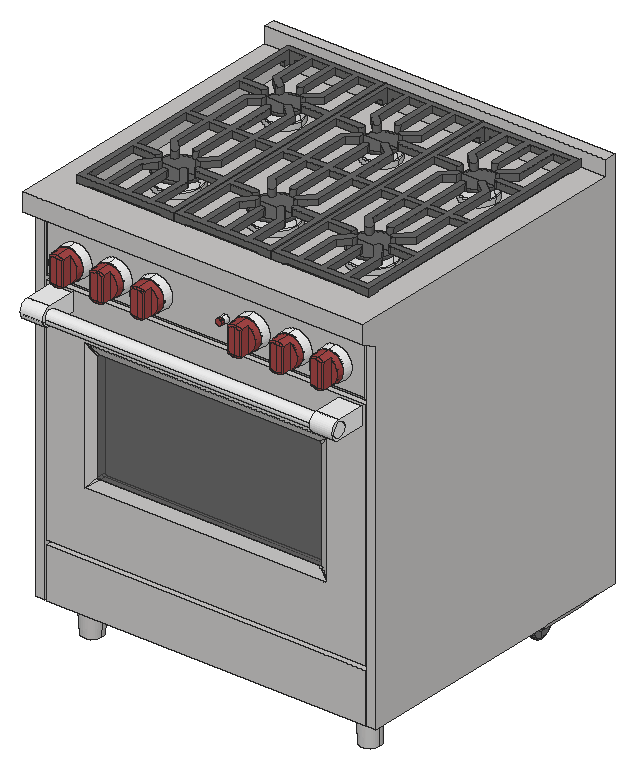
Revit family "Range-36_Inch", category Specialty Equipment, Revit 2023
Family settings
  Round Connector Dimension = Use Diameter
  Part Type = Normal
  OmniClass Number = 23.40.40.14
  OmniClass Title = Food Service Equipment
  Work Plane-Based = No
  Enable Cutting in Views = No
  Always vertical = Yes
  Cut with Voids When Loaded = No
  Maintain Annotation Orientation = No
  Shared = No
  Room Calculation Point = No
Parameters (values of type "Burners")
  Width = 2' - 5 7/8"
  Wall Offset = 0' - 0"
  Voltage = 120 V
  Type Comments = ""
  Trim Finish = Appliance - Chrome
  Show Label = no
  Power Consumption = 500 VA
  Label = "Range"
  Knob = Appliance - Plastic - Red
  Height = 3' - 0.9685"
  Griddle = Appliance - Stainless Steel - Brushed
  Grate Width = (Width - 0' 4 1/4") / 3 - 0' 0 1/32" + 0' 0 1/32"  # 0' - 8.54167"
  Grate Depth = Depth - 0' 4 79/256"  # 1' - 11.25046"
  Glass = Appliance - Oven Glass
  Description = "Range"
  Depth = 2' - 3.55906"
  Default Elevation = 0' - 0"
  Center Grate = Cook Surface : Burners
  Center Burners = no
  Burner = Appliance - Burner Cover
  Assembly Code = "E1090320"
  Appliance Finish = Appliance - Stainless Steel - Semi-Polished
  Amperage = Power Consumption / Voltage  # 4.16667 A
Types (4): name | Width | Show Label | Height | Grate Width | Grate Depth | Depth | Center Grate
  Burners | 2' - 5 7/8" | no | 3' - 0.9685" | 0' - 8.54167" | 1' - 11.25046" | 2' - 3.55906" | Cook Surface : Burners
  Griddle | 2' - 11 7/8" | yes | 3' - 0 31/32" | 0' - 10.54167" | 1' - 11 1/4" | 2' - 3 143/256" | Cook Surface : Griddle
  Grill | 2' - 11 7/8" | yes | 3' - 0.9685" | 0' - 10.54167" | 1' - 11.25046" | 2' - 3.55906" | Cook Surface : Grill
  20" | 1' - 8" | no | 3' - 0.9685" | 0' - 5 1/4" | 1' - 11.25046" | 2' - 3.55906" | Cook Surface : Burners
Reference planes (in)
  plane 1 "Back": y = 0
  plane 2: z = 0
  plane 3 "Center (Left/Right)": x = 0
  plane 4 "Left": x = -14.9375
  plane 5 "Right": x = 14.9375
  plane 6: y = 0
  plane 7 "Edge": y = -27.559056
  plane 8 "Door Back": y = -24.2519694
  plane 9 "Top": z = 36.9685049
  plane 10 "B.O. Unit": z = 3.1496065
  plane 11 "Burner": z = 35.5905504
  plane 12: z = 7.8740158
  plane 13 "Handle": z = 27.4013309
  plane 14 "Knobs": z = 30.8552971
  plane 15 "Door Face": y = -26.1417332
  plane 16: y = -24.9606308
  plane 17: z = 2.2834645
  plane 18: z = 1.1023622
  plane 19 "Wheels": y = -4.7244101
  plane 20: z = 1
  plane 21: x = 12.75
  plane 22 "3": x = -12.875
  plane 23: x = 7.625
  plane 24: x = -7.75
  plane 25: x = -14.9375
  plane 26: x = -2.625
  plane 27: x = 2.5
  plane 28: x = -11.4375
  plane 29: x = -7.8941928
  plane 30: x = 11.4375
  plane 31: x = 7.8941946
  plane 32: x = 4.09375
  plane 33: z = 34.3330736
  plane 34: x = -14.9375
  plane 35: x = 0
  plane 36: y = -37.559056
  plane 37: x = 0.4
  plane 38: x = 1.2
  plane 39: x = 11.15625
  plane 40 "1": x = -4.3333333
  plane 41: x = 4.9583333
  plane 42 "2": x = 4.2083333
  plane 43: x = -16.1875
  plane 44: x = 7.625
  plane 45: x = -0.8020833
  plane 46: x = 0.6770833
  plane 47: x = 1.7083333
  plane 48: x = 6.7083333
Forms (in)
  Extrusion 1, void
    sketch origin (0, 0, 36.9685049) x (-1, 0, 0) y (0, -1, 0)
      loop
        line (12.875, 1) -> (12.875, 24.2519694) -> (-12.75, 24.2519694) -> (-12.75, 1) -> (12.875, 1)
    from 0 to -2.6354313
  Extrusion 2, solid, material "Appliance - Stainless Steel - Semi-Polished" <- "Appliance Finish"
    sketch origin (0, 0, 0) x (0, 1, 0) y (0, 0, 1)
      loop
        line (-1, 36.9685049) -> (-1, 35.5905504) -> (-27.559056, 35.5905504) -> (-27.559056, 34.015749) -> (-26.1417332, 33.2283468) -> (-26.1417332, 3.1496065) -> (0, 3.1496065) -> (0, 36.9685049) -> (-1, 36.9685049)
    from -14.9375 to 14.9375
  Extrusion 3, void
    sketch origin (0, -26.1417332, 0) x (0, 0, 1) y (-1, 0, 0)
      loop
        line (33.2283468, 14.1500984) -> (3.1496065, 14.1500984) -> (3.1496065, -14.1501007) -> (33.2283468, -14.1501007) -> (33.2283468, 14.1500984)
    from -1.8897638 to 0
  Extrusion 4, solid, material "Appliance - Stainless Steel - Semi-Polished" <- "Appliance Finish"
    sketch origin (0, 0, 0) x (0, 1, 0) y (0, 0, 1)
      loop
        line (-24.9606308, 7.4803147) -> (-26.1417332, 7.4803147) -> (-26.1417332, 3.1496065) -> (-24.9606308, 3.1496065) -> (-24.9606308, 7.4803147)
      loop
        line (-24.2519694, 33.2283468) -> (-26.1417332, 33.2283468) -> (-26.1417332, 28.7401571) -> (-24.2519694, 28.7401571) -> (-24.2519694, 33.2283468)
      loop
        line (-24.9606308, 28.3464575) -> (-26.1417332, 28.3464575) -> (-26.1417332, 7.8740158) -> (-24.9606308, 7.8740158) -> (-24.9606308, 28.3464575)
    from -14.0234375 to 14.0234375
  Extrusion 5, void
    sketch origin (0, -26.1417332, 0) x (0, 0, 1) y (-1, 0, 0)
      loop
        arc (23.8186522, 9.65625) -> (23.7637347, 9.7888325) -> (23.6311522, 9.84375) r 0.1875
        line (23.6311522, 9.84375) -> (14.1638775, 9.84375)
        arc (14.1638775, 9.84375) -> (14.031295, 9.7888325) -> (13.9763775, 9.65625) r 0.1875
        line (13.9763775, 9.65625) -> (13.9763775, -9.651577)
        arc (13.9763775, -9.651577) -> (14.031295, -9.7841595) -> (14.1638775, -9.839077) r 0.1875
        line (14.1638775, -9.839077) -> (23.6311522, -9.839077)
        arc (23.6311522, -9.839077) -> (23.7637347, -9.7841595) -> (23.8186522, -9.651577) r 0.1875
        line (23.8186522, -9.651577) -> (23.8186522, 9.65625)
    from -1.8897638 to -0.3937008
  Blend 6, void
    base sketch origin (0, -26.1417332, 0) x (0, 0, 1) y (-1, 0, 0)
      loop
        line (24.6060543, 10.625) -> (13.1889768, 10.625) -> (13.1889768, -10.6264791) -> (24.6060543, -10.6264791) -> (24.6060543, 10.625)
    top sketch origin (0, -26.1417332, 0) x (0, 0, 1) y (-1, 0, 0)
      loop
        line (23.8186522, -9.651577) -> (23.8186522, 9.65625)
        arc (23.8186522, 9.65625) -> (23.7637347, 9.7888325) -> (23.6311522, 9.84375) r 0.1875
        line (23.6311522, 9.84375) -> (14.1638775, 9.84375)
        arc (14.1638775, 9.84375) -> (14.031295, 9.7888325) -> (13.9763775, 9.65625) r 0.1875
        line (13.9763775, 9.65625) -> (13.9763775, -9.651577)
        arc (13.9763775, -9.651577) -> (14.031295, -9.7841595) -> (14.1638775, -9.839077) r 0.1875
        line (14.1638775, -9.839077) -> (23.6311522, -9.839077)
        arc (23.6311522, -9.839077) -> (23.7637347, -9.7841595) -> (23.8186522, -9.651577) r 0.1875
    from 0 to -0.3937008
  Extrusion 7, solid, material "Appliance - Oven Glass" <- "Glass"
    sketch origin (0, -26.1417332, 0) x (0, 0, 1) y (-1, 0, 0)
      loop
        line (23.8186522, -9.651577) -> (23.8186522, 9.65625)
        arc (23.8186522, 9.65625) -> (23.7637347, 9.7888325) -> (23.6311522, 9.84375) r 0.1875
        line (23.6311522, 9.84375) -> (14.1638775, 9.84375)
        arc (14.1638775, 9.84375) -> (14.031295, 9.7888325) -> (13.9763775, 9.65625) r 0.1875
        line (13.9763775, 9.65625) -> (13.9763775, -9.651577)
        arc (13.9763775, -9.651577) -> (14.031295, -9.7841595) -> (14.1638775, -9.839077) r 0.1875
        line (14.1638775, -9.839077) -> (23.6311522, -9.839077)
        arc (23.6311522, -9.839077) -> (23.7637347, -9.7841595) -> (23.8186522, -9.651577) r 0.1875
    from -0.3937008 to -0.8945312
  Blend 8, solid, material "Appliance - Stainless Steel - Semi-Polished" <- "Appliance Finish"
    base sketch origin (0, 0, 3.1496065) x (-1, 0, 0) y (0, -1, 0)
      loop
        line (14.9375, 1.968504) -> (14.9375, 7.4803162) -> (9.4252268, 7.4803162) -> (9.4252268, 1.968504) -> (14.9375, 1.968504)
    top sketch origin (0, 0, 3.1496065) x (-1, 0, 0) y (0, -1, 0)
      loop
        line (14.1496363, 2.7559061) -> (14.1496363, 6.692914) -> (10.2126286, 6.692914) -> (10.2126286, 2.7559061) -> (14.1496363, 2.7559061)
    from 0 to -0.866142
  Blend 9, solid, material "Appliance - Stainless Steel - Semi-Polished" <- "Appliance Finish"
    base sketch origin (0, 0, 3.1496065) x (1, 0, 0) y (0, 1, 0)
      loop
        line (14.9375, -1.968504) -> (9.4252268, -1.968504) -> (9.4252268, -7.4803162) -> (14.9375, -7.4803162) -> (14.9375, -1.968504)
    top sketch origin (0, 0, 3.1496065) x (1, 0, 0) y (0, 1, 0)
      loop
        line (14.1496363, -2.7559061) -> (10.2126286, -2.7559061) -> (10.2126286, -6.692914) -> (14.1496363, -6.692914) -> (14.1496363, -2.7559061)
    from 0 to -0.866142
  Blend 10, solid, material "Appliance - Stainless Steel - Semi-Polished" <- "Appliance Finish"
    base sketch origin (0, 0, 3.1496065) x (-1, 0, 0) y (0, -1, 0)
      loop
        circle (-12.1811347, 23.3858276) r 0.984252
    top sketch origin (0, 0, 3.1496065) x (-1, 0, 0) y (0, -1, 0)
      loop
        circle (-12.2008185, 23.3858276) r 0.8633028
    from 0 to -3.1496065
  Blend 11, solid, material "Appliance - Stainless Steel - Semi-Polished" <- "Appliance Finish"
    base sketch origin (0, 0, 3.1496065) x (1, 0, 0) y (0, 1, 0)
      loop
        circle (-12.1811347, -23.3858276) r 1.109252
    top sketch origin (0, 0, 3.1496065) x (1, 0, 0) y (0, 1, 0)
      loop
        circle (-12.2008185, -23.3858276) r 0.8633028
    from 0 to -3.1496065
  Extrusion 12, solid, material "Appliance - Stainless Steel - Semi-Polished" <- "Appliance Finish"
    sketch origin (0, 0, 0) x (1, 0, 0) y (0, 0, 1)
      loop
        line (-13.3622347, 2.2834645) -> (-12.5748333, 1.1023622) -> (-12.4404829, 1.1023622) -> (-12.4404829, 2.2834645) -> (-13.3622347, 2.2834645)
      loop
        line (-11.7874315, 1.1023622) -> (-11.00003, 2.2834645) -> (-11.921782, 2.2834645) -> (-11.921782, 1.1023622) -> (-11.7874315, 1.1023622)
      loop
        line (13.3622347, 2.2834645) -> (12.4404829, 2.2834645) -> (12.4404829, 1.1023622) -> (12.5748333, 1.1023622) -> (13.3622347, 2.2834645)
      loop
        line (11.7874315, 1.1023622) -> (11.921782, 1.1023622) -> (11.921782, 2.2834645) -> (11.00003, 2.2834645) -> (11.7874315, 1.1023622)
    from 3.5433083 to 5.9055133
  Revolve 13, solid, material "Appliance - Rubber"
    sketch origin (0, -4.7244101, 0) x (0, 0, 1) y (-1, 0, 0)
      loop
        line (1, 12.109282) -> (1.192074, 12.109282) -> (1.192074, 12.234282) -> (1.3350632, 12.234282) -> (1.3350632, 12.203032)
        arc (1.3350632, 12.203032) -> (1.362522, 12.1367408) -> (1.4288132, 12.109282) r 0.09375
        line (1.4288132, 12.109282) -> (1.90625, 12.109282)
        arc (1.90625, 12.109282) -> (1.9725413, 12.1367408) -> (2, 12.203032) r 0.09375
        line (2, 12.203032) -> (2, 12.4092329)
        arc (2, 12.4092329) -> (1.9725413, 12.4755242) -> (1.90625, 12.5029829) r 0.09375
        line (1.90625, 12.5029829) -> (1.4288132, 12.5029829)
        arc (1.4288132, 12.5029829) -> (1.362522, 12.4755242) -> (1.3350632, 12.4092329) r 0.09375
        line (1.3350632, 12.4092329) -> (1.3350632, 12.3779829) -> (1.192074, 12.3779829) -> (1.192074, 12.5029829) -> (1, 12.5029829) -> (1, 12.109282)
      loop
        line (1, -11.984282) -> (1, -12.3779829) -> (1.192074, -12.3779829) -> (1.192074, -12.2529829) -> (1.3350632, -12.2529829) -> (1.3350632, -12.2842329)
        arc (1.3350632, -12.2842329) -> (1.362522, -12.3505242) -> (1.4288132, -12.3779829) r 0.09375
        line (1.4288132, -12.3779829) -> (1.90625, -12.3779829)
        arc (1.90625, -12.3779829) -> (1.9725413, -12.3505242) -> (2, -12.2842329) r 0.09375
        line (2, -12.2842329) -> (2, -12.078032)
        arc (2, -12.078032) -> (1.9725413, -12.0117408) -> (1.90625, -11.984282) r 0.09375
        line (1.90625, -11.984282) -> (1.4288132, -11.984282)
        arc (1.4288132, -11.984282) -> (1.362522, -12.0117408) -> (1.3350632, -12.078032) r 0.09375
        line (1.3350632, -12.078032) -> (1.3350632, -12.109282) -> (1.192074, -12.109282) -> (1.192074, -11.984282) -> (1, -11.984282)
      axis (1, 12.5029829) -> (1, -12.3779829)
    angle from 0 to 360
  Sweep 14, void
    path in 3D
      loop
        line (-14.0234375, -26.1417332, 33.2283468) -> (-14.0234375, -26.1417332, 28.7401571) -> (14.0234375, -26.1417332, 28.7401571) -> (14.0234375, -26.1417332, 33.2283468) -> (-14.0234375, -26.1417332, 33.2283468)
    profile "Round : 1/8"" origin (0, -26.1417332, 33.2283468) x (0, -1, 0) y (0, 0, 1)
      loop
        line (0, 0) -> (-0.125, 0)
        arc (-0.125, 0) -> (-0.0366117, -0.0366117) -> (0, -0.125) r 0.125
        line (0, -0.125) -> (0, 0)
Cuts and joins
  Extrusion 1, Extrusion 3, Sweep 14 cuts Extrusion 2
  Extrusion 5, Blend 6, Sweep 14 cuts Extrusion 4
Lines and regions (in)
  Split face 1
    outline origin (14.9375, 0, 3.1496065) x (-1, 0, 0) y (0, 0, 1)
      loop
        circle (5.6979908, 4.7244093) r 0.5
  Split face 2
    outline origin (14.9375, 0, 3.1496065) x (-1, 0, 0) y (0, 0, 1)
      loop
        circle (9.1750184, 4.7244093) r 0.5
  sketch lines
    curve 1: line (14.0234375, -26.1417332, 33.2283468) -> (-14.0234375, -26.1417332, 33.2283468)
    curve 2: line (14.0234375, -26.1417332, 33.2283468) -> (14.0234375, -26.1417332, 28.7401571)
    curve 3: line (14.0234375, -26.1417332, 28.7401571) -> (-14.0234375, -26.1417332, 28.7401571)
    curve 4: line (-14.0234375, -26.1417332, 28.7401571) -> (-14.0234375, -26.1417332, 33.2283468)
Dimensions and locks (in)
  equal spacing: plane 4 "Left", plane 3 "Center (Left/Right)", plane 5 "Right"
  "Width": plane 4 "Left" to plane 5 "Right"
  "Depth": plane 6 to plane 7 "Edge"
  "Wall Offset": plane 1 "Back" to plane 6
  "Height": plane 9 "Top" to level
  locked: plane 10 "B.O. Unit" to level at 3.1496065
  locked: plane 8 "Door Back" to plane 7 "Edge" at 3.3070866
  locked: plane 9 "Top" to plane 11 "Burner" at 1.3779545
  plane 13 "Handle" to level = 2' - 3.40133"
  locked: plane 11 "Burner" to plane 14 "Knobs" at 4.7352533
  locked: plane 6 to Extrusion 2 sketch curve at 1
  plane 6 to Extrusion 1 sketch curve = 0' - 1"
  locked: Extrusion 3 sketch curve to plane 14 "Knobs" at 2.3730497
  locked: plane 12 to plane 10 "B.O. Unit" at 4.7244093
  locked: plane 12 to Extrusion 4 sketch curve at 0.3937011
  locked: plane 16 to plane 15 "Door Face" at 1.1811023
  locked: Extrusion 5 sketch curve to plane 25 at 5.09375
  locked: plane 5 "Right" to Extrusion 5 sketch curve at 5.098423
  locked: Extrusion 5 sketch curve to plane 12 at 6.1023617
  locked: plane 13 "Handle" to Extrusion 5 sketch curve at 3.5826788
  locked: cut or joined group of Extrusion 4, Extrusion 5, Blend 6, Sweep 14 to plane 15 "Door Face" at 0.3937008
  locked: plane 5 "Right" to Blend 6 sketch curve at 4.3110209
  locked: plane 13 "Handle" to Blend 6 sketch curve at 2.7952766
  locked: Blend 6 sketch curve to plane 12 at 5.314961
  locked: cut or joined group of Extrusion 4, Extrusion 5, Blend 6, Sweep 14 to plane 4 "Left" at 0.9140625
  locked: plane 5 "Right" to cut or joined group of Extrusion 4, Extrusion 5, Blend 6, Sweep 14 at 0.9140625
  locked: plane 7 "Edge" to plane 15 "Door Face" at 1.4173229
  locked: plane 4 "Left" to Blend 8 sketch curve at 5.5122732
  plane 6 to Blend 8 sketch curve to Blend 8 sketch curve = 0' - 1.9685" locked, 0' - 5.51181" locked
  plane 4 "Left" to Blend 8 sketch curve to Blend 8 sketch curve = 0' - 0.78786" locked, 0' - 3.93701" locked
  plane 6 to Blend 8 sketch curve to Blend 8 sketch curve = 0' - 2.75591" locked, 0' - 3.93701" locked
  locked: plane 10 "B.O. Unit" to Blend 8 at 0.866142
  plane 5 "Right" to Blend 9 sketch curve to Blend 9 sketch curve = 0' - 0.78786" locked, 0' - 3.93701" locked
  plane 6 to Blend 9 sketch curve to Blend 9 sketch curve = 0' - 2.75591" locked, 0' - 3.93701" locked
  locked: Blend 9 sketch curve to plane 5 "Right" at 5.5122732
  plane 6 to Blend 9 sketch curve to Blend 9 sketch curve = 0' - 1.9685" locked, 0' - 5.51181" locked
  locked: plane 10 "B.O. Unit" to Blend 9 at 0.866142
  locked: plane 4 "Left" to Blend 11 sketch curve at 2.7366815
  locked: plane 15 "Door Face" to Blend 11 sketch curve at 2.7559056  (x2)
  locked: plane 4 "Left" to Blend 11 sketch curve at 2.7563653
  locked: Blend 10 sketch curve to plane 5 "Right" at 2.7366815
  locked: plane 15 "Door Face" to Blend 10 sketch curve at 2.7559056  (x2)
  locked: Blend 10 sketch curve to plane 5 "Right" at 2.7563653
  plane 10 "B.O. Unit" to plane 17 to plane 18 = 0' - 0.86614" locked, 0' - 1.1811" locked
  Extrusion 12 sketch curve to Extrusion 12 sketch curve to Extrusion 12 sketch curve to Extrusion 12 sketch curve to Extrusion 12 sketch curve to Extrusion 12 sketch curve to plane 4 "Left" = 0' - 0.7874" locked, 0' - 0.13435" locked, 0' - 0.5187" locked, 0' - 0.13435" locked, 0' - 0.7874" locked, 0' - 1.57527" locked
  plane 5 "Right" to Extrusion 12 sketch curve to Extrusion 12 sketch curve to Extrusion 12 sketch curve to Extrusion 12 sketch curve to Extrusion 12 sketch curve to Extrusion 12 sketch curve = 0' - 1.57527" locked, 0' - 0.7874" locked, 0' - 0.13435" locked, 0' - 0.5187" locked, 0' - 0.13435" locked, 0' - 0.7874" locked
  plane 6 to Extrusion 12 to Extrusion 12 = 0' - 3.54331" locked, 0' - 2.36221" locked
  plane 6 to plane 19 "Wheels" = 0' - 4.72441"
  locked: plane 20 to level at 1
  locked: plane 21 to plane 5 "Right" at 2.1875
  plane 4 "Left" to plane 22 "3" = 0' - 2 1/16"
  "Width": plane 5 "Right" to plane 25
  Blend 6 sketch curve to plane 25 = 0' - 5 3/32"
  plane 5 "Right" to Blend 6 sketch curve = 0' - 5.09842"
  Blend 6 sketch curve to plane 25 = 0' - 4 5/16"
  locked: Extrusion 7 sketch curve to plane 25 at 5.09375
  equal spacing: plane 22 "3", plane 24, plane 26, plane 27, plane 23, plane 21
  plane 29 to plane 28 to plane 4 "Left" = 0' - 3.54331" locked, 0' - 3 1/2" locked
  plane 5 "Right" to plane 30 to plane 31 = 0' - 3 1/2" locked, 0' - 3.54331" locked
  locked: plane 23 to plane 32 at 3.53125
  locked: plane 9 "Top" to plane 33 at 2.6354313
  Extrusion 4 sketch curve to plane 14 "Knobs" to Extrusion 4 sketch curve = 0' - 2.11514" locked, 0' - 2.37305" locked
  locked: plane 13 "Handle" to Extrusion 4 sketch curve at 0.9451265
  locked: plane 14 "Knobs" to plane 13 "Handle" at 3.4539661
  equal spacing: plane 4 "Left", plane 34, plane 25
  equal spacing: plane 25, plane 35, plane 5 "Right"
  locked: plane 7 "Edge" to plane 36 at 10
  plane 22 "3" to plane 40 "1" to plane 41 to plane 21 = 0' - 8.54167", 0' - 9.29167", 0' - 7.79167"  (x2)
  plane 28 to plane 29 = 0' - 3.54331"
  locked: plane 25 to plane 43 at 1.25
  plane 39 to plane 44 = 0' - 3 17/32"
  locked: plane 45 to plane 40 "1" at 3.53125
  locked: plane 42 "2" to plane 46 at 3.53125
  equal spacing: plane 22 "3", plane 40 "1", plane 42 "2", plane 21
  locked: plane 34 to plane 22 "3" at 2.0625
  locked: plane 42 "2" to plane 47 at 2.5
  locked: plane 48 to plane 42 "2" at 2.5
  aligned and locked: plane 2 to level
  aligned and locked: plane 9 "Top" to Extrusion 2 sketch curve
  aligned and locked: plane 5 "Right" to Extrusion 2
  aligned and locked: Extrusion 2 to plane 4 "Left"
  aligned and locked: Extrusion 2 sketch curve to plane 10 "B.O. Unit"
  aligned and locked: Extrusion 2 sketch curve to plane 15 "Door Face"
  aligned and locked: plane 7 "Edge" to Extrusion 2 sketch curve
  aligned and locked: plane 11 "Burner" to Extrusion 2 sketch curve
  aligned and locked: Extrusion 2 sketch curve to plane 6
  aligned and locked: Extrusion 3 sketch curve to plane 10 "B.O. Unit"
  aligned and locked: plane 8 "Door Back" to Extrusion 3
  aligned and locked: plane 15 "Door Face" to Extrusion 3
  aligned and locked: Extrusion 4 sketch curve to plane 15 "Door Face"  (x3)
  aligned and locked: plane 10 "B.O. Unit" to Extrusion 4 sketch curve
  aligned and locked: Extrusion 4 sketch curve to plane 8 "Door Back"
  aligned and locked: plane 12 to Extrusion 4 sketch curve
  aligned and locked: Extrusion 4 sketch curve to plane 16  (x2)
  aligned and locked: plane 15 "Door Face" to nested 2
  aligned and locked: plane 8 "Door Back" to Extrusion 5
  aligned and locked: plane 4 "Left" to Blend 8 sketch curve
  aligned and locked: plane 5 "Right" to Blend 9 sketch curve
  aligned and locked: Blend 10 to level
  aligned and locked: plane 10 "B.O. Unit" to Blend 10
  aligned and locked: plane 10 "B.O. Unit" to Blend 9
  aligned and locked: plane 10 "B.O. Unit" to Blend 8
  aligned and locked: plane 17 to Extrusion 12 sketch curve  (x2)
  aligned and locked: Extrusion 12 sketch curve to plane 18  (x2)
  aligned and locked: Extrusion 12 sketch curve to plane 17  (x2)
  aligned and locked: plane 18 to Extrusion 12 sketch curve  (x2)
  aligned and locked: plane 20 to Revolve 13 sketch curve  (x2)
  aligned and locked: Revolve 13 sketch curve to plane 20
  aligned and locked: plane 15 "Door Face" to nested 3
  aligned and locked: plane 15 "Door Face" to nested 4
  aligned and locked: plane 15 "Door Face" to nested 5
  aligned and locked: plane 15 "Door Face" to nested 6
  aligned and locked: nested 3 to plane 14 "Knobs"
  aligned and locked: nested 4 to plane 14 "Knobs"
  aligned and locked: nested 5 to plane 14 "Knobs"
  aligned and locked: nested 6 to plane 14 "Knobs"
  aligned and locked: plane 15 "Door Face" to nested 7
  aligned and locked: nested 7 to plane 14 "Knobs"
  aligned and locked: plane 22 "3" to Extrusion 1 sketch curve
  aligned and locked: Extrusion 1 sketch curve to plane 21
  aligned and locked: nested 8 to plane 8 "Door Back"
  aligned and locked: nested 9 to plane 14 "Knobs"
  aligned and locked: nested 10 to plane 14 "Knobs"
  aligned and locked: plane 15 "Door Face" to nested 10
  aligned and locked: plane 15 "Door Face" to nested 9
  aligned and locked: plane 28 to nested 7
  aligned and locked: plane 29 to nested 6
  aligned and locked: plane 30 to nested 9
  aligned and locked: plane 31 to nested 4
  aligned and locked: plane 33 to nested 8
  aligned and locked: nested 2 to plane 13 "Handle"
  aligned and locked: nested 1 to plane 36
  aligned and locked: nested 11 to plane 14 "Knobs"
  aligned and locked: nested 12 to plane 14 "Knobs"
  aligned and locked: plane 15 "Door Face" to nested 11
  aligned and locked: plane 15 "Door Face" to nested 12
  aligned and locked: nested 8 to plane 22 "3"
  aligned and locked: plane 40 "1" to nested 13
  aligned and locked: plane 42 "2" to nested 14
  aligned and locked: plane 40 "1" to nested 3
  aligned and locked: plane 45 to nested 10
  aligned and locked: plane 42 "2" to nested 5
  aligned and locked: plane 8 "Door Back" to nested 13
  aligned and locked: plane 8 "Door Back" to nested 14
  aligned and locked: plane 33 to nested 13
  aligned and locked: plane 33 to nested 14
  aligned and locked: plane 3 "Center (Left/Right)" to nested 2
  aligned and locked: plane 47 to nested 11
  aligned and locked: plane 48 to nested 12
  aligned and locked: plane 3 "Center (Left/Right)" to nested 1
Automatic sketch dimensions
  Extrusion 1 sketch curve to plane 8 "Door Back" = 0' - 0"
  Extrusion 2 sketch curve to plane 11 "Burner" = 0' - 2.3622"
  Extrusion 2 sketch curve to Extrusion 2 sketch curve = 0' - 1.5748"
  Extrusion 3 sketch curve to plane 5 "Right" = 0' - 0.7874"
  plane 4 "Left" to Extrusion 3 sketch curve = 0' - 0.7874"
  Extrusion 5 sketch curve to Extrusion 5 sketch curve = 0' - 0 3/16"  (x4)
  plane 12 to Blend 6 sketch curve = 0' - 6.10236"
  Blend 6 sketch curve to Blend 6 sketch curve = 0' - 0 3/16"  (x3)
  plane 13 "Handle" to Blend 6 sketch curve = 0' - 3.77018"  (x2)
  Blend 6 sketch curve to plane 21 = 0' - 3.09842"
  plane 12 to Extrusion 7 sketch curve = 0' - 6.10236"
  Extrusion 7 sketch curve to Extrusion 7 sketch curve = 0' - 0 3/16"  (x3)
  plane 13 "Handle" to Extrusion 7 sketch curve = 0' - 3.77018"  (x2)
  Extrusion 7 sketch curve to plane 21 = 0' - 3.09842"
  plane 21 to Blend 10 sketch curve = 0' - 0.41539"
  plane 22 "3" to Blend 11 sketch curve = 0' - 0.41539"
  Revolve 13 sketch curve to Revolve 13 sketch curve = 0' - 0.19207"  (x3)
  plane 20 to Revolve 13 sketch curve = 0' - 0.19207"
  Revolve 13 sketch curve to Revolve 13 sketch curve = 0' - 0.14299"  (x4)
  Revolve 13 sketch curve to Revolve 13 sketch curve = 0' - 0 3/32"  (x6)
  Revolve 13 sketch curve to Revolve 13 sketch curve = 0' - 0.47744"  (x2)
  Revolve 13 sketch curve to Revolve 13 sketch curve = 0' - 0"  (x4)
  Revolve 13 sketch curve to plane 21 = 0' - 0.37202"
  Revolve 13 sketch curve to Revolve 13 sketch curve = 0' - 0 1/8"  (x4)
  Revolve 13 sketch curve to Revolve 13 sketch curve = 0' - 0.1437"  (x2)
  Revolve 13 sketch curve to Revolve 13 sketch curve = 0' - 0.2062"
  plane 22 "3" to Revolve 13 sketch curve = 0' - 0.76572"
  Revolve 13 sketch curve to Revolve 13 sketch curve = 0' - 0 1/32"
  Revolve 13 sketch curve to Revolve 13 sketch curve = 0' - 1.59809"
  Revolve 13 sketch curve to plane 22 "3" = 0' - 0.59658"
  Split face 1 sketch curve to cut or joined group of Extrusion 1, Extrusion 2, Extrusion 3, Sweep 14 = 0' - 5.69799"
  Split face 1 sketch curve to cut or joined group of Extrusion 1, Extrusion 2, Extrusion 3, Sweep 14 = 0' - 4.72441"
  Split face 2 sketch curve to cut or joined group of Extrusion 1, Extrusion 2, Extrusion 3, Sweep 14 = 0' - 9.17502"
  Split face 2 sketch curve to cut or joined group of Extrusion 1, Extrusion 2, Extrusion 3, Sweep 14 = 0' - 4.72441"
  radius of Blend 10 sketch curve = 0' - 0.8633"
  radius of Blend 11 sketch curve = 0' - 0.8633"
  radius of Split face 1 sketch curve = 0' - 0 1/2"
  radius of Split face 2 sketch curve = 0' - 0 1/2"
Nested families (in)
  nested 1: "Label Annotation 3-32" at (0, -37.559056, 0), visible <- "Show Label", type "Label Annotation 3-32"
  nested 2: "Handle" at (0, -26.1417332, 27.4013309), Unit Width <- "Width", Finish <- "Trim Finish", type "Handle", detail levels medium+fine
    with Unit Width 2' - 5 7/8", Finish Appliance - Chrome
  nested 3: "Knob 1" at (-4.3333333, -26.1417332, 30.8552971), type "Knob 1", detail levels medium+fine
  nested 4: "Knob 1" at (7.8941946, -26.1417332, 30.8552971), type "Knob 1", detail levels medium+fine
  nested 5: "Knob 1" at (4.2083333, -26.1417332, 30.8552971), type "Knob 1", detail levels medium+fine
  nested 6: "Knob 1" at (-7.8941928, -26.1417332, 30.8552971), type "Knob 1", detail levels medium+fine
  nested 7: "Knob 1" at (-11.4375, -26.1417332, 30.8552971), type "Knob 1", detail levels medium+fine
  nested 8: "Cook Surface" at (-8.5975134, -12.6267383, 34.3330736), type "Burners"
    with Grate Width 0' - 8.54167", Grate Depth 1' - 11.25046"
  nested 9: "Knob 1" at (11.4375, -26.1417332, 30.8552971), type "Knob 1", detail levels medium+fine
  nested 10: "Knob 1" at (-0.8020833, -26.1417332, 30.8552971), visible <- "Center Burners", type "Knob 1", detail levels medium+fine
  nested 11: "Knob 2" at (1.7083333, -26.1417332, 30.8552971), type "Knob 2", detail levels medium+fine
  nested 12: "Knob 2" at (6.7083333, -26.1417332, 30.8552971), type "Knob 2", detail levels medium+fine
  nested 13: "Cook Surface" at (-0.0558467, -12.6267383, 34.3330736), type <- "Center Grate", type "Burners"
    with Grate Width 0' - 8.54167", Grate Depth 1' - 11.25046"
  nested 14: "Cook Surface" at (8.4858199, -12.6267383, 34.3330736), type "Burners"
    with Grate Width 0' - 8.54167", Grate Depth 1' - 11.25046"
Connectors (in)
  electrical at (9.2395092, 0, 7.8740158), driven by "Voltage", driven by "Power Consumption"
    settings: on cut or joined group of Extrusion 1, Extrusion 2, Extrusion 3, Sweep 14, index 1, voltage 120 V, apparent load 500 VA, apparent load phase1 0 VA, apparent load phase2 0 VA, apparent load phase3 0 VA, power factor 1, load classification "Appliance", number of poles 1, system type 30, power factor state 1, is connector primary yes, connector utility no, sub classification motor no, connector description "Range Power"
  piping at (5.7624816, 0, 7.8740158), diameter 0.5
    settings: on cut or joined group of Extrusion 1, Extrusion 2, Extrusion 3, Sweep 14, index 2, connector inside diameter 24", connector length 0' - 0", flow factor 0, pipe flow 0 GPM, pressure drop 0.00 psi, fitting loss kfactor 0, connector angle 0.00°, fixture units 0, engagement length 0' - 0", angle of deflection 0.00°, flow configuration 1, flow direction 1, fitting loss method 0, system type 22, joint type 0, gender type 0, connector reference index -1, connector utility 0, adjustable connector no, is connector primary yes, connector description "Range Gas"
Definition of nested family "Handle"
  Parameters (values of type "Handle")
    Unit Width [instance] = 3' - 0"
    Handle Projection = 0' - 2 1/2"
    Handle Offset B = 0' - 1 1/4"
    Handle Offset A = 0' - 1 1/4"
    Finish [instance] = none
    Default Elevation = 0' - 0"
  Reference planes (in)
    plane 1 "Center (Front/Back)": y = 0
    plane 2: z = 0
    plane 3 "Center (Left/Right)": x = 0
    plane 4 "Surface A": x = -18
    plane 5 "Surface B": x = 18
    plane 6 "Handle A": x = -16.75
    plane 7 "Handle B": x = 16.75
    plane 8: y = -2.5
    plane 9: x = -14.78125
    plane 10: x = 14.78125
    plane 11: y = -1.875
  Forms (in)
    Extrusion 1, solid, material <- "Finish", detail levels medium+fine
      sketch origin (-16.75, 0, 0) x (0, 0, 1) y (0, -1, 0)
        loop
          line (0.7874022, 0) -> (0.7874022, 2.5)
          arc (0.7874022, 2.5) -> (0, 3.2874022) -> (-0.7874022, 2.5) r 0.7874022
          line (-0.7874022, 2.5) -> (-0.7874022, 0) -> (0.7874022, 0)
        loop
          circle (0, 2.5) r 0.5915109
      from 0 to 1.96875
    Extrusion 2, solid, material <- "Finish", detail levels medium+fine
      sketch origin (16.75, 0, 0) x (0, 0, 1) y (0, -1, 0)
        loop
          line (-0.7874022, 0) -> (0.7874022, 0) -> (0.7874022, 2.5)
          arc (0.7874022, 2.5) -> (0, 3.2874022) -> (-0.7874022, 2.5) r 0.7874022
          line (-0.7874022, 2.5) -> (-0.7874022, 0)
        loop
          circle (0, 2.5) r 0.5915109
      from 0 to -1.96875
    Extrusion 3, solid, material <- "Finish", detail levels medium+fine
      sketch origin (0, 0, 0) x (0, 1, 0) y (0, 0, 1)
        loop
          circle (-2.5, 0) r 0.5915109
      from -16.75 to 16.75
  Cuts and joins
    joined: Extrusion 1, Extrusion 2
  Dimensions and locks (in)
    "Unit Width": plane 5 "Surface B" to plane 4 "Surface A"
    equal spacing: plane 5 "Surface B", plane 3 "Center (Left/Right)", plane 4 "Surface A"
    "Handle Offset A": plane 6 "Handle A" to plane 4 "Surface A"
    "Handle Offset B": plane 5 "Surface B" to plane 7 "Handle B"
    "Handle Projection": plane 1 "Center (Front/Back)" to plane 8
    plane 6 "Handle A" to plane 9 = 0' - 1 31/32"
    plane 10 to plane 7 "Handle B" = 0' - 1 31/32"
    plane 8 to plane 11 = 0' - 0 5/8"
    aligned and locked: level to plane 2
    aligned and locked: Extrusion 1 sketch curve to plane 1 "Center (Front/Back)"
    aligned and locked: Extrusion 2 sketch curve to plane 1 "Center (Front/Back)"
    aligned and locked: cut or joined group of Extrusion 1, Extrusion 2 to plane 1 "Center (Front/Back)"
    aligned and locked: plane 8 to Extrusion 2 sketch curve
    aligned and locked: plane 8 to Extrusion 1 sketch curve
    aligned and locked: level to Extrusion 3 sketch curve
    aligned and locked: plane 8 to Extrusion 3 sketch curve
    aligned and locked: plane 7 "Handle B" to Extrusion 3
    aligned and locked: Extrusion 3 to plane 6 "Handle A"
    aligned and locked: Extrusion 2 sketch curve to Extrusion 3  (x2)
    aligned and locked: Extrusion 1 sketch curve to Extrusion 3  (x2)
    aligned and locked: plane 9 to cut or joined group of Extrusion 1, Extrusion 2
    aligned and locked: cut or joined group of Extrusion 1, Extrusion 2 to plane 10
  Automatic sketch dimensions
    Extrusion 1 sketch curve to level = 0' - 0.7874"
    level to Extrusion 1 sketch curve = 0' - 0"
    Extrusion 2 sketch curve to Extrusion 2 sketch curve = 0' - 0.7874"
    Extrusion 2 sketch curve to level = 0' - 0.7874"
    radius of Extrusion 3 sketch curve = 0' - 0.59151"
Definition of nested family "Knob 1"
  Parameters
    Material = none
    Default Elevation = 0' - 0"
    Bezel Material = none
  Reference planes (in)
    plane 1 "Center (Front/Back)": y = 0
    plane 2: z = 0
    plane 3 "Center (Left/Right)": x = 0
    plane 4: y = -1.3779528
    plane 5: y = -2.1653543
  Forms (in)
    Revolve 1, solid, material <- "Material"
      sketch origin (0, 0, 0) x (0, 1, 0) y (0, 0, 1)
        loop
          line (0, 1.3779516) -> (-0.7874016, 1.2992134) -> (-0.7874016, 1.2598429) -> (-2.0742818, 1.2230744)
          arc (-2.0742818, 1.2230744) -> (-2.1388356, 1.1947004) -> (-2.1653543, 1.1293627) r 0.09375
          line (-2.1653543, 1.1293627) -> (-2.1653543, 0) -> (0, 0) -> (0, 1.3779516)
        axis (0, 0) -> (-2.1653543, 0)
      angle from 0 to 360
    Extrusion 2, void
      sketch origin (0, 0, 0) x (1, 0, 0) y (0, 1, 0)
        loop
          line (1.24297, -1.3779528) -> (0.5905516, -1.3779528) -> (0.5905516, -2.0716043)
          arc (0.5905516, -2.0716043) -> (0.5630929, -2.1378956) -> (0.4968016, -2.1653543) r 0.09375
          line (0.4968016, -2.1653543) -> (1.24297, -2.1653543) -> (1.24297, -1.3779528)
        loop
          line (-1.24297, -1.3779528) -> (-1.24297, -2.1653543) -> (-0.4968016, -2.1653543)
          arc (-0.4968016, -2.1653543) -> (-0.5630929, -2.1378956) -> (-0.5905516, -2.0716043) r 0.09375
          line (-0.5905516, -2.0716043) -> (-0.5905516, -1.3779528) -> (-1.24297, -1.3779528)
      from -1.3682255 to 1.445227
  Cuts and joins
    Extrusion 2 cuts Revolve 1
  Dimensions and locks (in)
    plane 5 to plane 4 to plane 1 "Center (Front/Back)" = 0' - 0.7874" locked, 0' - 1.37795" locked
    aligned and locked: plane 2 to level
    aligned and locked: Revolve 1 sketch curve to level
    aligned and locked: plane 4 to Extrusion 2 sketch curve
    aligned and locked: Extrusion 2 sketch curve to plane 5
Definition of nested family "Cook Surface"
  Parameters (values of type "Burners")
    ShowGrate = yes
    Show Base = no
    Has Grill = no
    Has Griddle = no
    Griddle Right Extension = 0' - 0 1/8"
    Griddle Left Extension = 0' - 0 1/8"
    Griddle = none
    Grate Width = 1' - 0 209/256"
    Grate Thickness = 0' - 0 1/2"
    Grate Depth = 1' - 11 1/4"
    Grate = none
    Default Elevation = 0' - 0"
    Burner = none
    Has Burners = yes
    Show Burners = yes
  Reference planes (in)
    plane 1 "Center (Front/Back)": y = 0
    plane 2 "Bottom": z = 0
    plane 3 "Center (Left/Right)": x = -0.0066533
    plane 4 "T.O. Burner": z = 1.3421659
    plane 5 "Back Burner": y = 5.8125
    plane 6 "Front Burner": y = -5.8125
    plane 7: z = 2.4385786
    plane 8 "B.O. Grate": z = 0
    plane 9 "T.O. Pan": z = 0.7677155
    plane 10 "Back": y = 11.625
    plane 11 "Front": y = -11.625
    plane 12 "Left": x = -6.4148564
    plane 13 "Right": x = 6.4015499
    plane 14 "Surface Bottom": z = 1.8782988
    plane 15: x = -3.3357548
    plane 16: x = 2.8224483
    plane 17: x = 5.9015499
    plane 18: x = -5.9148564
    plane 19: y = 11.0625
    plane 20: y = 6.0625
    plane 21: y = 0.25
    plane 22: y = -0.25
    plane 23: y = -11.0625
    plane 24: x = -2.8357548
    plane 25: x = 3.3224483
    plane 26: x = -0.2722783
    plane 27: x = 0.2433467
    plane 28: y = 5.5625
    plane 29: y = -5.5625
    plane 30: y = -6.0625
    plane 31: x = -6.2898564
    plane 32: x = 6.2765499
  Forms (in)
    Extrusion 1, void
      sketch origin (17.0803554, 13.7784205, -33.4188623) x (1, 0, 0) y (0, 0, 1)
        loop
          arc (-11.6788055, 34.5110283) -> (-11.7520288, 34.687805) -> (-11.9288055, 34.7610283) r 0.25
          line (-11.9288055, 34.7610283) -> (-22.2452118, 34.7610283)
          arc (-22.2452118, 34.7610283) -> (-22.4219885, 34.687805) -> (-22.4952118, 34.5110283) r 0.25
          line (-22.4952118, 34.5110283) -> (-22.4952118, 34.1865778) -> (-11.6788055, 34.1865778) -> (-11.6788055, 34.5110283)
      from 2.1534205 to 27.3563425
    Extrusion 2, void
      sketch origin (17.0803554, 13.7784205, -33.4188623) x (0, 1, 0) y (0, 0, 1)
        loop
          arc (-3.1534205, 34.5110283) -> (-3.2266438, 34.687805) -> (-3.4034205, 34.7610283) r 0.25
          line (-3.4034205, 34.7610283) -> (-24.1534205, 34.7610283)
          arc (-24.1534205, 34.7610283) -> (-24.3301972, 34.687805) -> (-24.4034205, 34.5110283) r 0.25
          line (-24.4034205, 34.5110283) -> (-24.4034205, 34.1865778) -> (-3.1534205, 34.1865778) -> (-3.1534205, 34.5110283)
      from -23.4952118 to -10.6788055
    Revolve 3, solid, material <- "Burner", visible <- "Show Burners"
      sketch origin (0.0625, 5.8125, -33.4188623) x (1, 0, 0) y (0, 0, 1)
        loop
          line (-0.0691533, 33.4188623) -> (-0.0691533, 34.7341433) -> (-1.5365929, 34.7341433)
          arc (-1.5365929, 34.7341433) -> (-1.6118992, 34.6588369) -> (-1.5365929, 34.5835306) r 0.0753064
          line (-1.5365929, 34.5835306) -> (-1.4261797, 34.5835306) -> (-1.5314309, 33.9643529) -> (-1.6072836, 33.8632497) -> (-1.6072836, 33.4188623) -> (-0.0691533, 33.4188623)
        axis (-0.0691533, 34.7341433) -> (-0.0691533, 33.4188623)
      angle from 0 to 360
    Revolve 4, solid, material <- "Burner", visible <- "Show Burners"
      sketch origin (0, -5.8125, -33.4188623) x (1, 0, 0) y (0, 0, 1)
        loop
          line (-0.0066533, 33.4188623) -> (-0.0066533, 34.7341433) -> (-1.8959679, 34.7341433)
          arc (-1.8959679, 34.7341433) -> (-1.9712742, 34.6588369) -> (-1.8959679, 34.5835306) r 0.0753064
          line (-1.8959679, 34.5835306) -> (-1.7855547, 34.5835306) -> (-1.8908059, 33.9643529) -> (-1.9666586, 33.8632497) -> (-1.9666586, 33.4188623) -> (-0.0066533, 33.4188623)
        axis (-0.0066533, 34.7341433) -> (-0.0066533, 33.4188623)
      angle from 0 to 360
    Extrusion 5, solid, material <- "Grate", visible <- "Show Base", detail levels medium+fine
      sketch origin (0, 0, 0.7677155) x (-1, 0, 0) y (0, -1, 0)
        loop
          line (6.4148564, -11.625) -> (6.4148564, 11.625) -> (-6.4015499, 11.625) -> (-6.4015499, -11.625) -> (6.4148564, -11.625)
        loop
          line (5.5946229, -10.8047666) -> (5.5946229, 10.8047666) -> (-5.5890499, 10.8047666) -> (-5.5890499, -10.8047666) -> (5.5946229, -10.8047666)
      from 0 to 1.1105833
    Extrusion 6, solid, material <- "Grate", visible <- "Has Grill"
      sketch origin (0, 0, 0) x (1, 0, 0) y (0, 0, 1)
        loop
          line (-6.4148564, 1.8782988) -> (-5.9880797, 1.8782988) -> (-5.9880797, 2.2618019) -> (-6.1648564, 2.4385786) -> (-6.4148564, 2.4385786) -> (-6.4148564, 1.8782988)
        loop
          line (0.1879184, 1.8782988) -> (0.1879184, 2.4385786) -> (-0.2012249, 2.4385786) -> (-0.2012249, 1.8782988) -> (0.1879184, 1.8782988)
        loop
          line (-0.5903682, 1.8782988) -> (-0.5903682, 2.4385786) -> (-0.9795116, 2.4385786) -> (-0.9795116, 1.8782988) -> (-0.5903682, 1.8782988)
        loop
          line (-1.3686549, 1.8782988) -> (-1.3686549, 2.4385786) -> (-1.7577982, 2.4385786) -> (-1.7577982, 1.8782988) -> (-1.3686549, 1.8782988)
        loop
          line (-2.1469415, 1.8782988) -> (-2.1469415, 2.4385786) -> (-2.5360848, 2.4385786) -> (-2.5360848, 1.8782988) -> (-2.1469415, 1.8782988)
        loop
          line (-2.9252281, 1.8782988) -> (-2.9252281, 2.4385786) -> (-3.3143715, 2.4385786) -> (-3.3143715, 1.8782988) -> (-2.9252281, 1.8782988)
        loop
          line (-3.7035148, 1.8782988) -> (-3.7035148, 2.4385786) -> (-4.0926581, 2.4385786) -> (-4.0926581, 1.8782988) -> (-3.7035148, 1.8782988)
        loop
          line (-4.4818014, 1.8782988) -> (-4.4818014, 2.4385786) -> (-4.8709447, 2.4385786) -> (-4.8709447, 1.8782988) -> (-4.4818014, 1.8782988)
        loop
          line (-5.2600881, 1.8782988) -> (-5.2600881, 2.4385786) -> (-5.6492314, 2.4385786) -> (-5.6492314, 1.8782988) -> (-5.2600881, 1.8782988)
        loop
          line (6.4015499, 1.8782988) -> (6.4015499, 2.4385786) -> (6.1515499, 2.4385786) -> (5.9747732, 2.2618019) -> (5.9747732, 1.8782988) -> (6.4015499, 1.8782988)
        loop
          line (0.5770617, 1.8782988) -> (0.966205, 1.8782988) -> (0.966205, 2.4385786) -> (0.5770617, 2.4385786) -> (0.5770617, 1.8782988)
        loop
          line (1.3553484, 1.8782988) -> (1.7444917, 1.8782988) -> (1.7444917, 2.4385786) -> (1.3553484, 2.4385786) -> (1.3553484, 1.8782988)
        loop
          line (2.133635, 1.8782988) -> (2.5227783, 1.8782988) -> (2.5227783, 2.4385786) -> (2.133635, 2.4385786) -> (2.133635, 1.8782988)
        loop
          line (2.9119216, 1.8782988) -> (3.301065, 1.8782988) -> (3.301065, 2.4385786) -> (2.9119216, 2.4385786) -> (2.9119216, 1.8782988)
        loop
          line (3.6902083, 1.8782988) -> (4.0793516, 1.8782988) -> (4.0793516, 2.4385786) -> (3.6902083, 2.4385786) -> (3.6902083, 1.8782988)
        loop
          line (4.4684949, 1.8782988) -> (4.8576382, 1.8782988) -> (4.8576382, 2.4385786) -> (4.4684949, 2.4385786) -> (4.4684949, 1.8782988)
        loop
          line (5.2467815, 1.8782988) -> (5.6359249, 1.8782988) -> (5.6359249, 2.4385786) -> (5.2467815, 2.4385786) -> (5.2467815, 1.8782988)
      from -11.625 to 11.625
    Extrusion 7, solid, material <- "Griddle", visible <- "Has Griddle"
      sketch origin (0, 0, 0.7677155) x (-1, 0, 0) y (0, -1, 0)
        loop
          line (6.4148564, -11.625) -> (6.4148564, 11.625) -> (-6.4015499, 11.625) -> (-6.4015499, -11.625) -> (6.4148564, -11.625)
      from 0 to 1.6708632
    Extrusion 8, void
      sketch origin (-0.0066533, 0, 0) x (0, 1, 0) y (0, 0, 1)
        loop
          line (11.5, 2.4385786) -> (-11.5, 2.4385786) -> (-11.5, 1.3421659) -> (-9.75, 1.3421659) -> (-9.75, 1.8782988) -> (11.5, 1.8782988) -> (11.5, 2.4385786)
      from -6.2832031 to 6.2832031
    Extrusion 9, solid, material <- "Grate", visible <- "ShowGrate", detail levels fine
      sketch origin (0, 0, 0.7677155) x (-1, 0, 0) y (0, -1, 0)
        loop
          line (6.4148564, -11.625) -> (6.4148564, 11.625) -> (-6.4015499, 11.625) -> (-6.4015499, -11.625) -> (6.4148564, -11.625)
        loop
          line (5.9148564, -11.0625) -> (5.9148564, -6.0625) -> (2.8357548, -6.0625)
          arc (2.8357548, -6.0625) -> (2.5857548, -5.8125) -> (2.8357548, -5.5625) r 0.25
          line (2.8357548, -5.5625) -> (5.9148564, -5.5625) -> (5.9148564, -0.25) -> (3.3357548, -0.25) -> (3.3357548, -4.1797666) -> (2.4625946, -5.042267)
          arc (2.4625946, -5.042267) -> (2.0648471, -5.042267) -> (2.0648471, -4.6445194) r 0.28125
          line (2.0648471, -4.6445194) -> (2.8357548, -3.9467714) -> (2.8357548, -0.25) -> (0.2722783, -0.25) -> (0.2722783, -3.9816068)
          arc (0.2722783, -3.9816068) -> (0.0144658, -4.2394193) -> (-0.2433467, -3.9816068) r 0.2578125
          line (-0.2433467, -3.9816068) -> (-0.2433467, -0.25) -> (-2.8224483, -0.25) -> (-2.8224483, -3.9467714) -> (-1.9265406, -4.6445194)
          arc (-1.9265406, -4.6445194) -> (-1.9265406, -5.042267) -> (-2.3242881, -5.042267) r 0.28125
          line (-2.3242881, -5.042267) -> (-3.3224483, -4.1797666) -> (-3.3224483, -0.25) -> (-5.9092833, -0.25) -> (-5.9092833, -5.5625) -> (-2.8224483, -5.5625)
          arc (-2.8224483, -5.5625) -> (-2.5724483, -5.8125) -> (-2.8224483, -6.0625) r 0.25
          line (-2.8224483, -6.0625) -> (-5.9092833, -6.0625) -> (-5.9092833, -11.0625) -> (-3.3224483, -11.0625) -> (-3.3224483, -7.4452334) -> (-2.3242881, -6.582733)
          arc (-2.3242881, -6.582733) -> (-1.9265406, -6.582733) -> (-1.9265406, -6.9804806) r 0.28125
          line (-1.9265406, -6.9804806) -> (-2.8224483, -7.6782286) -> (-2.8224483, -11.0625) -> (-0.2433467, -11.0625) -> (-0.2433467, -7.6433932)
          arc (-0.2433467, -7.6433932) -> (0.0144658, -7.3855807) -> (0.2722783, -7.6433932) r 0.2578125
          line (0.2722783, -7.6433932) -> (0.2722783, -11.0625) -> (2.8357548, -11.0625) -> (2.8357548, -7.6782286) -> (2.0648471, -6.9804806)
          arc (2.0648471, -6.9804806) -> (2.0648471, -6.582733) -> (2.4625946, -6.582733) r 0.28125
          line (2.4625946, -6.582733) -> (3.3357548, -7.4452334) -> (3.3357548, -11.0625) -> (5.9148564, -11.0625)
        loop
          line (5.9148564, 11.0702334) -> (3.3357548, 11.0702334) -> (3.3357548, 7.3950882) -> (2.4625946, 6.3344281)
          arc (2.4625946, 6.3344281) -> (2.0648471, 6.3344281) -> (2.0648471, 6.7321756) r 0.28125
          line (2.0648471, 6.7321756) -> (2.8357548, 7.6280834) -> (2.8357548, 11.0702334) -> (0.2722783, 11.0702334) -> (0.2722783, 7.3950882)
          arc (0.2722783, 7.3950882) -> (0.0144658, 7.1372757) -> (-0.2433467, 7.3950882) r 0.2578125
          line (-0.2433467, 7.3950882) -> (-0.2433467, 11.0702334) -> (-2.8224483, 11.0702334) -> (-2.8224483, 7.8657286) -> (-1.9265406, 6.7321756)
          arc (-1.9265406, 6.7321756) -> (-1.9265406, 6.3344281) -> (-2.3242881, 6.3344281) r 0.28125
          line (-2.3242881, 6.3344281) -> (-3.3224483, 7.6327334) -> (-3.3224483, 11.0702334) -> (-5.9092833, 11.0702334) -> (-5.9092833, 6.0625) -> (-2.8224483, 6.0625)
          arc (-2.8224483, 6.0625) -> (-2.5724483, 5.8125) -> (-2.8224483, 5.5625) r 0.25
          line (-2.8224483, 5.5625) -> (-5.9092833, 5.5625) -> (-5.9092833, 0.25) -> (-3.3224483, 0.25) -> (-3.3224483, 3.8469764) -> (-2.3242881, 4.9076366)
          arc (-2.3242881, 4.9076366) -> (-1.9265406, 4.9076366) -> (-1.9265406, 4.509889) r 0.28125
          line (-1.9265406, 4.509889) -> (-2.8224483, 3.6139813) -> (-2.8224483, 0.25) -> (-0.2433467, 0.25) -> (-0.2433467, 3.8175925)
          arc (-0.2433467, 3.8175925) -> (0.0144658, 4.075405) -> (0.2722783, 3.8175925) r 0.2578125
          line (0.2722783, 3.8175925) -> (0.2722783, 0.25) -> (2.8357548, 0.25) -> (2.8357548, 3.6139813) -> (2.0648471, 4.509889)
          arc (2.0648471, 4.509889) -> (2.0648471, 4.9076366) -> (2.4625946, 4.9076366) r 0.28125
          line (2.4625946, 4.9076366) -> (3.3357548, 3.8469764) -> (3.3357548, 0.25) -> (5.9148564, 0.25) -> (5.9148564, 5.5625) -> (2.8357548, 5.5625)
          arc (2.8357548, 5.5625) -> (2.5857548, 5.8125) -> (2.8357548, 6.0625) r 0.25
          line (2.8357548, 6.0625) -> (5.9148564, 6.0625) -> (5.9148564, 11.0702334)
      from 0 to 1.1105833
  Cuts and joins
    Extrusion 1, Extrusion 2, Extrusion 8 cuts Extrusion 5
    Extrusion 8 cuts Extrusion 7
    Extrusion 1, Extrusion 2 cuts Extrusion 9
  Dimensions and locks (in)
    equal spacing: plane 10 "Back", plane 5 "Back Burner", plane 1 "Center (Front/Back)", plane 6 "Front Burner", plane 11 "Front"
    "Grate Depth": plane 10 "Back" to plane 11 "Front"
    equal spacing: plane 12 "Left", plane 3 "Center (Left/Right)", plane 13 "Right"
    "Grate Width": plane 12 "Left" to plane 13 "Right"
    locked: plane 7 to plane 14 "Surface Bottom" at 0.5602798
    locked: Extrusion 5 sketch curve to plane 11 "Front" at 0.8202334
    locked: plane 10 "Back" to Extrusion 5 sketch curve at 0.8202334
    locked: Extrusion 5 sketch curve to plane 13 "Right" at 0.8125
    locked: plane 12 "Left" to Extrusion 5 sketch curve at 0.8202334
    locked: plane 12 "Left" to Extrusion 6 sketch curve at 0.765625
    locked: Extrusion 6 sketch curve to plane 13 "Right" at 0.765625
    equal spacing: Extrusion 6 sketch curve, Extrusion 6 sketch curve, Extrusion 6 sketch curve, Extrusion 6 sketch curve, Extrusion 6 sketch curve, Extrusion 6 sketch curve, Extrusion 6 sketch curve, Extrusion 6 sketch curve, Extrusion 6 sketch curve, Extrusion 6 sketch curve, Extrusion 6 sketch curve, Extrusion 6 sketch curve, Extrusion 6 sketch curve, Extrusion 6 sketch curve, Extrusion 6 sketch curve, Extrusion 6 sketch curve, Extrusion 6 sketch curve, Extrusion 6 sketch curve, Extrusion 6 sketch curve, Extrusion 6 sketch curve, Extrusion 6 sketch curve, Extrusion 6 sketch curve, Extrusion 6 sketch curve, Extrusion 6 sketch curve, Extrusion 6 sketch curve, Extrusion 6 sketch curve, Extrusion 6 sketch curve, Extrusion 6 sketch curve, Extrusion 6 sketch curve, Extrusion 6 sketch curve
    locked: plane 10 "Back" to Extrusion 8 sketch curve at 0.125
    locked: Extrusion 8 sketch curve to plane 11 "Front" at 0.125
    plane 12 "Left" to cut or joined group of Extrusion 7, Extrusion 8 = 0' - 0 1/8"
    cut or joined group of Extrusion 7, Extrusion 8 to plane 13 "Right" = 0' - 0 1/8"
    locked: plane 15 to plane 24 at 0.5
    locked: plane 16 to plane 25 at 0.5
    plane 26 to plane 27 = 0' - 0 33/64"  (x2)
    plane 29 to plane 6 "Front Burner" to plane 30 = 0' - 0 1/4" locked, 0' - 0 1/4" locked
    plane 21 to plane 1 "Center (Front/Back)" to plane 22 = 0' - 0 1/4" locked, 0' - 0 1/4" locked
    plane 20 to plane 5 "Back Burner" to plane 28 = 0' - 0 1/4" locked, 0' - 0 1/4" locked
    locked: plane 12 "Left" to Extrusion 1 sketch curve at 1
    locked: Extrusion 1 sketch curve to plane 13 "Right" at 1
    locked: plane 10 "Back" to Extrusion 2 sketch curve at 1
    locked: Extrusion 2 sketch curve to plane 11 "Front" at 1
    "Griddle Left Extension": plane 12 "Left" to plane 31
    "Griddle Right Extension": plane 32 to plane 13 "Right"
    locked: plane 17 to plane 13 "Right" at 0.5
    locked: plane 12 "Left" to plane 18 at 0.5
    equal spacing: plane 18, plane 24, plane 27, plane 25, plane 13 "Right"
    locked: plane 10 "Back" to plane 19 at 0.5625
    locked: plane 23 to plane 11 "Front" at 0.5625
    locked: cut or joined group of Extrusion 7, Extrusion 8 to plane 11 "Front" at 1.875
    plane 12 "Left" to plane 3 "Center (Left/Right)" = 0' - 6.4082"
    plane 3 "Center (Left/Right)" to plane 13 "Right" = 0' - 6.4082"
    aligned and locked: Revolve 4 to plane 8 "B.O. Grate"
    aligned and locked: Revolve 3 to plane 8 "B.O. Grate"
    aligned and locked: Revolve 4 sketch curve to plane 3 "Center (Left/Right)"
    aligned and locked: Revolve 3 sketch curve to plane 3 "Center (Left/Right)"
    aligned and locked: plane 9 "T.O. Pan" to Extrusion 2 sketch curve
    aligned and locked: Extrusion 1 sketch curve to plane 9 "T.O. Pan"
    aligned and locked: Extrusion 5 sketch curve to plane 10 "Back"
    aligned and locked: plane 13 "Right" to Extrusion 5 sketch curve
    aligned and locked: plane 11 "Front" to Extrusion 5 sketch curve
    aligned and locked: Extrusion 5 sketch curve to plane 12 "Left"
    aligned and locked: Extrusion 5 to plane 9 "T.O. Pan"
    aligned and locked: cut or joined group of Extrusion 1, Extrusion 2, Extrusion 5, Extrusion 8 to plane 13 "Right"
    aligned and locked: plane 12 "Left" to cut or joined group of Extrusion 1, Extrusion 2, Extrusion 5, Extrusion 8
    aligned and locked: Extrusion 1 sketch curve to plane 4 "T.O. Burner"
    aligned and locked: plane 4 "T.O. Burner" to Extrusion 2 sketch curve
    aligned and locked: Extrusion 6 sketch curve to plane 7  (x9)
    aligned and locked: plane 7 to Extrusion 6 sketch curve  (x8)
    aligned and locked: Extrusion 6 sketch curve to plane 14 "Surface Bottom"  (x8)
    aligned and locked: plane 14 "Surface Bottom" to Extrusion 6 sketch curve  (x9)
    aligned and locked: Extrusion 6 sketch curve to plane 12 "Left"
    aligned and locked: Extrusion 6 sketch curve to plane 13 "Right"
    aligned and locked: plane 10 "Back" to Extrusion 6
    aligned and locked: Extrusion 7 sketch curve to plane 10 "Back"
    aligned and locked: Extrusion 7 sketch curve to plane 12 "Left"
    aligned and locked: plane 13 "Right" to Extrusion 7 sketch curve
    aligned and locked: plane 11 "Front" to Extrusion 7 sketch curve
    aligned and locked: plane 7 to Extrusion 7
    aligned and locked: Extrusion 8 sketch curve to plane 14 "Surface Bottom"
    aligned and locked: plane 7 to Extrusion 8 sketch curve
    aligned and locked: Extrusion 8 sketch curve to plane 4 "T.O. Burner"
    aligned and locked: cut or joined group of Extrusion 7, Extrusion 8 to plane 9 "T.O. Pan"
    aligned and locked: plane 18 to Extrusion 9 sketch curve  (x2)
    aligned and locked: Extrusion 9 sketch curve to plane 19  (x4)
    aligned and locked: plane 13 "Right" to Extrusion 9 sketch curve
    aligned and locked: Extrusion 9 sketch curve to plane 20
    aligned and locked: plane 20 to Extrusion 9 sketch curve
    aligned and locked: Extrusion 9 sketch curve to plane 28
    aligned and locked: plane 28 to Extrusion 9 sketch curve
    aligned and locked: Extrusion 9 sketch curve to plane 29
    aligned and locked: plane 30 to Extrusion 9 sketch curve
    aligned and locked: plane 29 to Extrusion 9 sketch curve
    aligned and locked: Extrusion 9 sketch curve to plane 30
    aligned and locked: Extrusion 9 to plane 9 "T.O. Pan"
    aligned and locked: plane 14 "Surface Bottom" to Extrusion 9
    aligned and locked: plane 32 to Extrusion 8
    aligned and locked: Extrusion 8 to plane 31
    aligned and locked: Extrusion 6 to plane 11 "Front"
  Automatic sketch dimensions
    Extrusion 2 sketch curve to Extrusion 2 sketch curve = 0' - 0 1/4"  (x2)
    Revolve 3 sketch curve to plane 2 "Bottom" = 0' - 0"
    Revolve 3 sketch curve to plane 3 "Center (Left/Right)" = 0' - 0"
    Revolve 3 sketch curve to plane 4 "T.O. Burner" = 0' - 0.1775"
    Revolve 3 sketch curve to plane 3 "Center (Left/Right)" = 0' - 1.35703"
    Revolve 3 sketch curve to plane 9 "T.O. Pan" = 0' - 0.22222"
    Revolve 3 sketch curve to Revolve 3 sketch curve = 0' - 0.10525"
    Revolve 3 sketch curve to Revolve 3 sketch curve = 0' - 0.11041"
    Revolve 3 sketch curve to plane 9 "T.O. Pan" = 0' - 0.32333"
    Revolve 3 sketch curve to Revolve 3 sketch curve = 0' - 0.07585"
    Revolve 3 sketch curve to Revolve 3 sketch curve = 0' - 0.07531"
    Revolve 3 sketch curve to Revolve 3 sketch curve = 17' - 9.41886"
    plane 7 to Revolve 3 sketch curve = 11' - 11.39256"
    Revolve 4 sketch curve to plane 2 "Bottom" = 0' - 0"
    Revolve 4 sketch curve to plane 3 "Center (Left/Right)" = 0' - 0"
    Revolve 4 sketch curve to plane 4 "T.O. Burner" = 0' - 0.1775"
    Revolve 4 sketch curve to plane 3 "Center (Left/Right)" = 0' - 1.7789"
    Revolve 4 sketch curve to plane 9 "T.O. Pan" = 0' - 0.22222"
    Revolve 4 sketch curve to Revolve 4 sketch curve = 0' - 0.10525"
    Revolve 4 sketch curve to Revolve 4 sketch curve = 0' - 0.11041"
    Revolve 4 sketch curve to plane 9 "T.O. Pan" = 0' - 0.32333"
    Revolve 4 sketch curve to Revolve 4 sketch curve = 0' - 0.07585"
    Revolve 4 sketch curve to Revolve 4 sketch curve = 0' - 0.07531"
    Revolve 4 sketch curve to Revolve 4 sketch curve = 17' - 9.41886"
    plane 7 to Revolve 4 sketch curve = 11' - 11.39256"
    Extrusion 6 sketch curve to plane 12 "Left" = 0' - 0 1/4"
    Extrusion 6 sketch curve to Extrusion 6 sketch curve = 0' - 0.33885"  (x2)
    Extrusion 6 sketch curve to plane 7 = 0' - 0.17678"  (x2)
    Extrusion 6 sketch curve to Extrusion 6 sketch curve = 0' - 0 1/4"
    Extrusion 8 sketch curve to Extrusion 8 sketch curve = 0' - 1 3/4"
    Extrusion 9 sketch curve to plane 21 = 0' - 0"  (x4)
    Extrusion 9 sketch curve to plane 22 = 0' - 0"  (x4)
    Extrusion 9 sketch curve to plane 25 = 0' - 0"  (x4)
    Extrusion 9 sketch curve to plane 16 = 0' - 0"  (x6)
    Extrusion 9 sketch curve to plane 27 = 0' - 0"  (x4)
    Extrusion 9 sketch curve to plane 26 = 0' - 0"  (x4)
    Extrusion 9 sketch curve to plane 24 = 0' - 0"  (x6)
    Extrusion 9 sketch curve to plane 15 = 0' - 0"  (x4)
    Extrusion 9 sketch curve to plane 18 = 0' - 0"  (x2)
    Extrusion 9 sketch curve to plane 10 "Back" = 0' - 0"
    Extrusion 9 sketch curve to plane 12 "Left" = 0' - 0"
    Extrusion 9 sketch curve to plane 11 "Front" = 0' - 0"
    plane 17 to Extrusion 9 sketch curve = 0' - 0.00773"  (x4)
    Extrusion 9 sketch curve to plane 16 = 0' - 0.49816"  (x4)
    Extrusion 9 sketch curve to Extrusion 9 sketch curve = 0' - 0.19887"  (x24)
    Extrusion 9 sketch curve to plane 24 = 0' - 0.77091"  (x4)
    Extrusion 9 sketch curve to Extrusion 9 sketch curve = 0' - 1.61573"  (x2)
    plane 20 to Extrusion 9 sketch curve = 0' - 1.58089"
    Extrusion 9 sketch curve to Extrusion 9 sketch curve = 0' - 0.233"  (x8)
    plane 20 to Extrusion 9 sketch curve = 0' - 0 235/256"  (x2)
    Extrusion 9 sketch curve to plane 28 = 0' - 0.52023"  (x2)
    Extrusion 9 sketch curve to Extrusion 9 sketch curve = 0' - 0.8625"  (x2)
    Extrusion 9 sketch curve to Extrusion 9 sketch curve = 0' - 0.66291"
    Extrusion 9 sketch curve to Extrusion 9 sketch curve = 0' - 1.94852"  (x2)
    plane 29 to Extrusion 9 sketch curve = 0' - 1.74491"
    plane 29 to Extrusion 9 sketch curve = 0' - 1.05261"  (x2)
    Extrusion 9 sketch curve to plane 30 = 0' - 0.27193"  (x2)
    Extrusion 9 sketch curve to plane 30 = 0' - 1.33259"  (x2)
    Extrusion 9 sketch curve to plane 30 = 0' - 1.57023"
    Extrusion 9 sketch curve to plane 23 = 0' - 0.00773"  (x4)
    Extrusion 1 sketch curve to plane 4 "T.O. Burner" = 0' - 0 1/4"
    Extrusion 1 sketch curve to Extrusion 1 sketch curve = 0' - 0 1/4"
Definition of nested family "Knob 2"
  Parameters (values of type "Knob 2")
    Knob = none
    Trim = none
    Default Elevation = 0' - 0"
  Reference planes (in)
    plane 1 "Center (Front/Back)": y = 0
    plane 2: z = 0
    plane 3 "Center (Left/Right)": x = 0
  Forms (in)
    Revolve 1, solid, material <- "Trim"
      sketch origin (0, 0, 0) x (0, 1, 0) y (0, 0, 1)
        loop
          line (0, 0.3154516) -> (-0.5061516, 0.2648377) -> (-0.5061516, 0) -> (0, 0) -> (0, 0.3154516)
        axis (0, 0) -> (-0.5061516, 0)
      angle from 0 to 360
    Extrusion 2, solid, material <- "Knob"
      sketch origin (0, 0, 0) x (1, 0, 0) y (0, 0, 1)
        loop
          circle (0, 0) r 0.2648377
      from 0.5061516 to 0.7170259
  Dimensions and locks (in)
    radius of Extrusion 2 sketch curve = 0' - 0.26484"
    aligned and locked: plane 2 to level
    aligned and locked: level to Revolve 1 sketch curve
    aligned and locked: Revolve 1 sketch curve to level
    aligned and locked: Extrusion 2 to Revolve 1
Definition of nested family "Label Annotation 3-32"
  Parameters
    Label = "Freezer 36 LH"
  Reference planes (in)
    plane 1: y = 0
    plane 2: x = 0
  Text (in)
    label "Label" at (0.0037544, -0.0034533, 0), shows "Label"
